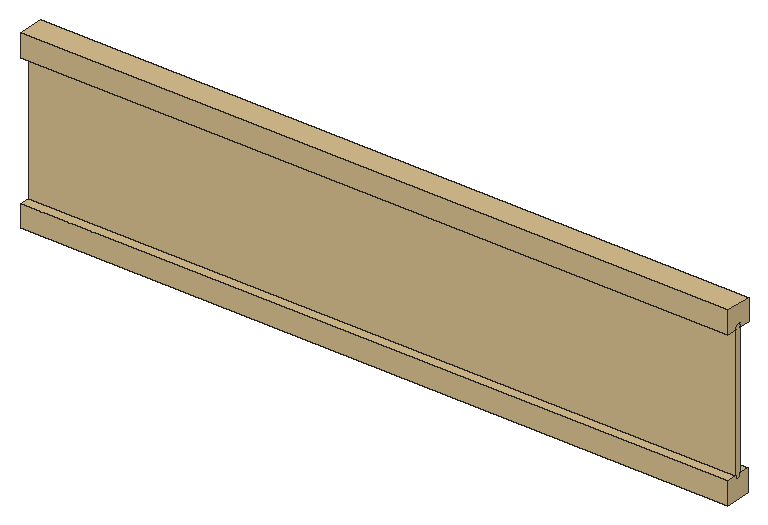
Revit family "04fb9b63819f4660a8a872d0ede8b84f", category Structural Framing, Revit 2021
Family settings
  Structural Framing Length Roundoff = 0' - 0"
  Section Shape = Not Defined
  Material for Model Behavior = Wood
  Always export as geometry = No
  OmniClass Number = 23.25.30.21.17.11
  OmniClass Title = Wood I Joists
  Seek Item ID = Plywood Web Joist-0000-USA-ENU
  Always vertical = Yes
  Cut with Voids When Loaded = No
  Symbolic Representation = From Project Settings
  Shared = No
  Show family pre-cut in plan views = Yes
Parameters (values of type "1 3/4x11 7/8")
  Structural Material [instance] = Softwood, Lumber
  Assembly Code = "B10"
  Length [instance] = 5' - 0"
  b = 0' - 1 3/4"
  d = 0' - 11 7/8"
Types (3): name | d
  (no name) | 0' - 11 7/8"
  1 3/4x11 7/8 | 0' - 11 7/8"
  1 3/4x14 | 1' - 2"
Reference planes (in)
  plane 1 "Center (Front/Back)": y = 0
  plane 2: z = 0
  plane 3 "Center (Left/Right)": x = 0.1815
  plane 4 "Member Left": x = -23.8185
  plane 5 "Member Right": x = 24.1815
  plane 6: y = 0.875
  plane 7: y = -0.875
  plane 8: z = 5.9375
  plane 9: z = -5.9375
  plane 10: z = -4.4375
  plane 11: z = 4.4375
  plane 12: y = -0.1875
  plane 13: y = 0.1875
  plane 14 "Left": x = -29.8185
  plane 15 "Stick Symbol Left": x = -17.8185
  plane 16 "Stick Symbol Right": x = 18.1815
  plane 17 "Right": x = 30.1815
Forms (in)
  Extrusion 1, solid, material "Softwood, Lumber" <- "Structural Material", detail levels medium+fine
    sketch origin (0.1815, 0, 0) x (0, 1, 0) y (0, 0, 1)
      loop
        line (0.875, 5.9375) -> (-0.875, 5.9375) -> (-0.875, 4.4375) -> (-0.1875, 4.4375) -> (-0.1875, 4.6875) -> (0.1875, 4.6875) -> (0.1875, 4.4375) -> (0.875, 4.4375) -> (0.875, 5.9375)
      loop
        line (0.875, -5.9375) -> (0.875, -4.4375) -> (0.1875, -4.4375) -> (0.1875, -4.6586) -> (-0.1875, -4.6586) -> (-0.1875, -4.4375) -> (-0.875, -4.4375) -> (-0.875, -5.9375) -> (0.875, -5.9375)
    from -24 to 24
  Extrusion 2, solid, material "Softwood, Lumber" <- "Structural Material", detail levels medium+fine
    sketch origin (0.1815, 0, 0) x (0, 1, 0) y (0, 0, 1)
      loop
        line (0.1875, 4.6875) -> (-0.1875, 4.6875) -> (-0.1875, -4.6586) -> (0.1875, -4.6586) -> (0.1875, 4.6875)
    from -24 to 24
Lines and regions (in)
  symbolic lines, style "Stick Symbols", detail levels coarse
    curve 1: line (0, -0.875, -5.9375) -> (0, 0.875, -5.9375)
    curve 2: line (0, 0.875, -5.9375) -> (0, 0.875, -4.4375)
    curve 3: line (0, 0.875, -4.4375) -> (0, 0.1875, -4.4375)
    curve 4: line (0, 0.1875, -4.4375) -> (0, 0.1875, 4.4375)
    curve 5: line (0, 0.1875, 4.4375) -> (0, 0.875, 4.4375)
    curve 6: line (0, 0.875, 4.4375) -> (0, 0.875, 5.9375)
    curve 7: line (0, 0.875, 5.9375) -> (0, -0.875, 5.9375)
    curve 8: line (0, -0.875, 5.9375) -> (0, -0.875, 4.4375)
    curve 9: line (0, -0.875, 4.4375) -> (0, -0.1875, 4.4375)
    curve 10: line (0, -0.1875, 4.4375) -> (0, -0.1875, -4.4375)
    curve 11: line (0, -0.1875, -4.4375) -> (0, -0.875, -4.4375)
    curve 12: line (0, -0.875, -4.4375) -> (0, -0.875, -5.9375)
Dimensions and locks (in)
  "b": plane 6 to plane 7
  "d": plane 9 to plane 8
  equal spacing: plane 9, plane 2, plane 8
  equal spacing: plane 6, plane 1 "Center (Front/Back)", plane 7
  locked: plane 11 to plane 8 at 1.5
  locked: plane 9 to plane 10 at 1.5
  equal spacing: plane 13, plane 1 "Center (Front/Back)", plane 12
  locked: plane 13 to plane 12 at 0.375
  locked: Extrusion 1 sketch curve to plane 11 at 0.25
  locked: Extrusion 1 sketch curve to plane 10 at 0.2211
  "Length": plane 14 "Left" to plane 17 "Right"
  aligned and locked: plane 6 to Extrusion 1 sketch curve
  aligned and locked: Extrusion 1 sketch curve to plane 8
  aligned and locked: plane 9 to Extrusion 1 sketch curve
  aligned and locked: Extrusion 1 sketch curve to plane 7
  aligned and locked: Extrusion 2 sketch curve to Extrusion 1  (x4)
  aligned and locked: curve 8 to plane 7
  aligned and locked: curve 12 to plane 7
  aligned and locked: plane 9 to curve 1
  aligned and locked: curve 7 to plane 8
  aligned and locked: plane 6 to curve 2
  aligned and locked: plane 6 to curve 6
  aligned and locked: curve 3 to Extrusion 1
  aligned and locked: curve 11 to Extrusion 1
  aligned and locked: curve 9 to Extrusion 1
  aligned and locked: curve 5 to Extrusion 1
  aligned and locked: Extrusion 2 to curve 4
  aligned and locked: Extrusion 2 to curve 10
  aligned and locked: Extrusion 1 to Extrusion 2  (x2)
  aligned and locked: plane 4 "Member Left" to Extrusion 1
  aligned and locked: Extrusion 1 to plane 5 "Member Right"
Automatic sketch dimensions
  Extrusion 1 sketch curve to plane 7 = 0' - 0"
  Extrusion 1 sketch curve to plane 12 = 0' - 0"  (x2)
  Extrusion 1 sketch curve to plane 11 = 0' - 0"  (x2)
  Extrusion 1 sketch curve to plane 13 = 0' - 0"  (x2)
  Extrusion 1 sketch curve to plane 6 = 0' - 0"
  Extrusion 1 sketch curve to plane 10 = 0' - 0"  (x2)
